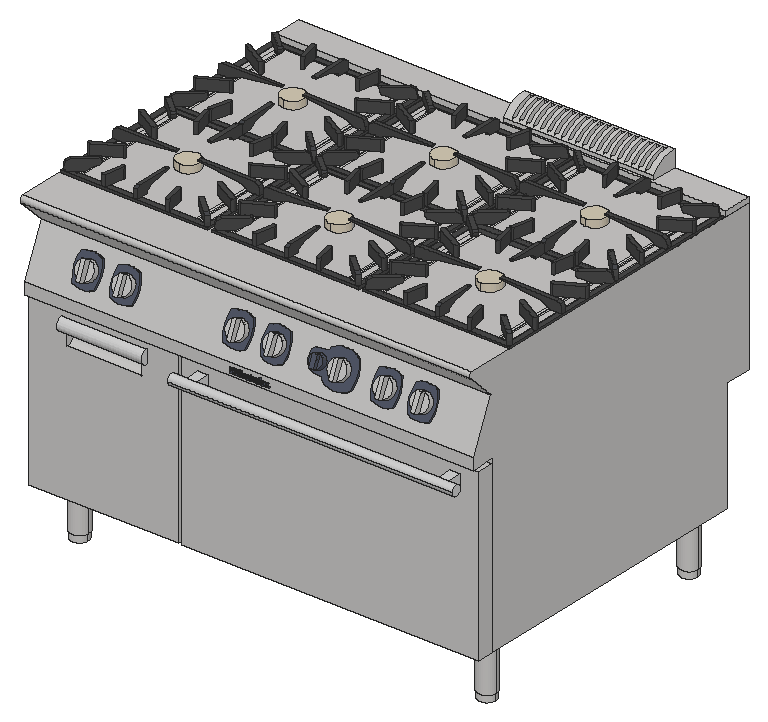
Revit family "QF_ELECTROLUXPROFESSIONAL_391013_E9GCGL6C10", category Specialty Equipment, Revit 2018
Family settings
  Round Connector Dimension = Use Diameter
  Part Type = Normal
  Work Plane-Based = No
  Always vertical = Yes
  Cut with Voids When Loaded = No
  Shared = No
  Room Calculation Point = No
Parameters
  Width = 1200 mm  # constant formula
  Weight in Pounds = 203  # constant formula
  Watts = 0 W
  URL Cutsheet = "www.electrolux.com"
  URL = "www.electrolux.com"
  Type Mark [instance] = ""
  Status [instance] = ""
  Specification by User [instance] = ""
  Specification by Manufacturer = ""
  Show Logo [instance] = yes
  Show Clearance [instance] = yes
  Serial Number = ""
  Seismic Rating = ""
  SMACNA No = ""
  Revision Code [instance] = ""
  Omniclass Number and Title = ""
  NAFEM Spec ID Number = ""
  Model = "391013"
  Mechanical Remarks [instance] = ""
  Mechanical Connection Type [instance] = ""
  Masterspec = ""
  Manufacturer = "ELECTROLUX"
  Item Number [instance] = ""
  Installed By [instance] = ""
  Identify Quantity as Lot [instance] = yes
  Height = 908.9 mm  # constant formula
  HP = "0 HP"
  Gas Size = 12.7 mm  # 1/2"
  Gas RI Height [instance] = 0 mm
  Gas KW [instance] = 52.5  # constant formula
  Gas Input [instance] = 178973.0 Btu/h
  Gas Connection Height = 0 mm
  Furnished By [instance] = ""
  Foodservice Equipment Identifier [instance] = yes
  Direct Waste Size = 0"
  Description = "900XP 6 GAS BURNERS 6kW ON GAS OVEN WITH CUPBOARD"
  Depth = 930 mm  # constant formula
  CSI MasterFormat = ""
  CSI Master Format = ""
  Assembly Code = ""
Reference planes
  plane 1 "BACK": y = 0
  plane 2: z = 0
  plane 3 "LEFT": x = 0
  plane 4 "RIGHT": x = 1200
  plane 5 "FRONT": y = -700
  plane 6 "TOP": z = 908.9
  plane 7 "Center Y": x = 600
  plane 8 "Center X": y = -350
  plane 9 "Base": z = 150
  plane 10: z = 850.9
  plane 11: y = -930
  plane 12: y = -1109
  plane 13: y = -128
  plane 14: y = -802
  plane 15: y = -1309
  plane 16: y = -665
Forms (mm)
  Extrusion 1, solid, material "QF_Finishes_Stainless Steel"
    sketch origin (0, 0, 0) x (0, 1, 0) y (0, 0, 1)
      loop
        line (0, 450) -> (0, 850.9) -> (-921.37, 850.9)
        arc (-921.37, 850.9) -> (-929.343, 845.573) -> (-927.472, 836.168) r 8.63
        line (-927.472, 836.168) -> (-858.266, 766.833) -> (-915.833, 641.476) -> (-915.833, 610.179) -> (-855.839, 614.875)
        arc (-855.839, 614.875) -> (-853.314, 614.127) -> (-852.222, 611.731) r 3.175
        line (-852.222, 611.731) -> (-852.222, 150) -> (-71, 150) -> (-71, 450) -> (0, 450)
    from 0 to 1200
  Extrusion 2, solid, material "QF_Finishes_Stainless Steel"
    sketch origin (0, -852.222, 611.731) x (0, 0, -1) y (1, 0, 0)
      loop
        line (461.731, 408.5) -> (461.731, 1200) -> (9.61, 1200) -> (9.61, 408.5) -> (461.731, 408.5)
      loop
        line (461.731, 0) -> (461.731, 400.5) -> (9.61, 400.5) -> (9.61, 0) -> (461.731, 0)
      loop
        line (95.781, 100.253) -> (95.781, 300.8) -> (44.981, 300.8) -> (44.981, 100.253) -> (95.781, 100.253)
    from 3.175 to 47.778
  Extrusion 3, solid, material "QF_Finishes_Stainless Steel"
    sketch origin (0, 0, 0) x (0, -1, 0) y (0, 0, 1)
      loop
        line (0, 850.9) -> (76.2, 850.9) -> (76.2, 865.188) -> (0, 865.188) -> (0, 850.9)
    from 0 to -1200
  Extrusion 4, solid, material "QF_Finishes_Stainless Steel"
    sketch origin (0, -852.222, 150) x (1, 0, 0) y (0, -1, 0)
      loop
        circle (1149, -187.222) r 6.4
    from 0 to 21
  Extrusion 5, solid, material "QF_Door-Drawer Clearances", visible <- "Show Clearance", detail levels coarse
    sketch origin (0, -200, 0) x (0, 1, 0) y (0, 0, 1)
      loop
        line (-1109, 150) -> (-700, 150) -> (-700, 601.405)
        arc (-700, 601.405) -> (-991.543, 454.568) -> (-1109, 150) r 453.603
    from 0 to 1200
  Extrusion 6, solid, material "QF_Clearances", visible <- "Show Clearance", detail levels coarse
    sketch origin (0, -200, 0) x (1, 0, 0) y (0, 1, 0)
      loop
        line (-100, -730) -> (0, -730) -> (0, 200) -> (1200, 200) -> (1200, -730) -> (1300, -730) -> (1300, 300) -> (-100, 300) -> (-100, -730)
    from 0 to 908.85
  Extrusion 7, solid, material "QF_Finishes_Handrails and Railings"
    sketch origin (400, -200, 0) x (0, 1, 0) y (0, 0, 1)
      loop
        line (-700, 580.001) -> (-738.549, 577.296)
        arc (-738.549, 577.296) -> (-739.742, 563.489) -> (-752.852, 558.993) r 12.7
        arc (-752.852, 558.993) -> (-752.311, 558.176) -> (-751.712, 557.401) r 13.441
        arc (-751.712, 557.401) -> (-749.907, 555.955) -> (-747.68, 555.335) r 5.77
        line (-747.68, 555.335) -> (-700, 551.992) -> (-700, 580.001)
    from 50.8 to 76.2
  Extrusion 8, solid, material "QF_Finishes_Handrails and Railings"
    sketch origin (1200, -200, 0) x (0, 1, 0) y (0, 0, -1)
      loop
        line (-700, -580.001) -> (-700, -551.992) -> (-747.68, -555.335)
        arc (-747.68, -555.335) -> (-749.907, -555.955) -> (-751.712, -557.401) r 5.77
        arc (-751.712, -557.401) -> (-752.311, -558.176) -> (-752.852, -558.993) r 13.441
        arc (-752.852, -558.993) -> (-739.742, -563.489) -> (-738.549, -577.296) r 12.7
        line (-738.549, -577.296) -> (-700, -580.001)
    from 50.8 to 76.2
  Extrusion 9, solid, material "QF_Finishes_Handrails and Railings"
    sketch origin (400, -200, 0) x (0, 1, 0) y (0, 0, 1)
      loop
        circle (-749.749, 571.309) r 12.7
    from 19.875 to 780.125
  Extrusion 10, solid, material "QF_Finishes_Handrails and Railings"
    sketch origin (177.525, -643.896, 1933.213) x (0, 0.885087, 0.465426) y (0, -0.465426, 0.885087)
      loop
        arc (-854.629, -1074.965) -> (-878.641, -1082.427) -> (-871.18, -1106.439) r 17.78
        line (-871.18, -1106.439) -> (-854.629, -1074.965)
    from -89.972 to 135.975
  Extrusion 11, solid, material "QF_Finishes_Stainless Steel"
    sketch origin (-22.5, -200, 28.959) x (0, 1, 0) y (0, 0, 1)
      loop
        line (-700, 486.991) -> (-657.087, 486.991) -> (-657.087, 537.791) -> (-678.147, 537.791) -> (-678.147, 511.464)
        arc (-678.147, 511.464) -> (-684.405, 495.059) -> (-700, 486.991) r 24.63
    from 122.753 to 323.3
  Extrusion 12, solid, material "QF_Finishes_Navy Blue"
    sketch origin (405.244, -913.772, 646.186) x (0, 0.418102, 0.9084) y (-1, 0, 0)
      loop
        arc (102.623, -510.47) -> (67.041, -502.846) -> (31.333, -509.853) r 90.5
        arc (31.333, -509.853) -> (24.507, -539.04) -> (31.333, -568.228) r 65.817
        arc (31.333, -568.228) -> (67.04, -575.188) -> (102.623, -567.615) r 91.066
        arc (102.623, -567.615) -> (109.179, -539.043) -> (102.623, -510.47) r 65.546
    from 0 to 3.175
  Extrusion 13, solid, material "QF_Finishes_Stainless Steel"
    sketch origin (783.994, -917.485, 645.711) x (0, 0.418102, 0.9084) y (-1, 0, 0)
      loop
        circle (68.826, -160.963) r 25.4
    from 0 to 12.7
  Extrusion 14, solid, material "QF_Finishes_Stainless Steel"
    sketch origin (783.994, -929.022, 651.021) x (0, 0.418102, 0.9084) y (-1, 0, 0)
      loop
        arc (93.558, -166.749) -> (94.226, -160.963) -> (93.558, -155.177) r 25.4
        line (93.558, -155.177) -> (44.094, -155.177)
        arc (44.094, -155.177) -> (43.426, -160.963) -> (44.094, -166.749) r 25.4
        line (44.094, -166.749) -> (93.558, -166.749)
    from 0 to 12.7
  Extrusion 15, solid, material "QF_Finishes_Navy Blue"
    sketch origin (282.787, -913.772, 646.186) x (0, 0.418102, 0.9084) y (-1, 0, 0)
      loop
        arc (104.355, -502.587) -> (101.326, -501.258) -> (98.25, -500.039) r 91.066
        arc (98.25, -500.039) -> (96.592, -482.449) -> (93.213, -465.107) r 179.528
        arc (93.213, -465.107) -> (69.244, -452.795) -> (45.274, -465.107) r 29.489
        arc (45.274, -465.107) -> (38.909, -481.441) -> (37.449, -498.912) r 61.044
        arc (37.449, -498.912) -> (34.471, -499.962) -> (31.532, -501.116) r 91.066
        arc (31.532, -501.116) -> (19.517, -540.223) -> (32.929, -578.873) r 65.817
        arc (32.929, -578.873) -> (68.105, -585.173) -> (102.996, -577.452) r 91.066
        arc (102.996, -577.452) -> (115.418, -540.233) -> (104.355, -502.587) r 65.546
    from 0 to 3.175
  Extrusion 16, solid, material "QF_Finishes_Stainless Steel"
    sketch origin (661.537, -917.485, 645.711) x (0, 0.418102, 0.9084) y (-1, 0, 0)
      loop
        circle (68.826, -160.963) r 25.4
    from 0 to 12.7
  Extrusion 17, solid, material "QF_Finishes_Stainless Steel"
    sketch origin (661.537, -929.022, 651.021) x (0, 0.418102, 0.9084) y (-1, 0, 0)
      loop
        arc (93.558, -166.749) -> (94.226, -160.963) -> (93.558, -155.177) r 25.4
        line (93.558, -155.177) -> (44.094, -155.177)
        arc (44.094, -155.177) -> (43.426, -160.963) -> (44.094, -166.749) r 25.4
        line (44.094, -166.749) -> (93.558, -166.749)
    from 0 to 12.7
  Extrusion 18, solid, material "QF_Finishes_Navy Blue"
    sketch origin (604.037, -917.485, 645.711) x (0, 0.418102, 0.9084) y (-1, 0, 0)
      loop
        circle (68.826, -160.963) r 18.37
    from 0 to 12.7
  Extrusion 19, solid, material "QF_Finishes_Navy Blue"
    sketch origin (602.746, -929.022, 651.021) x (0, 0.418102, 0.9084) y (-1, 0, 0)
      loop
        arc (84.808, -167.687) -> (85.476, -161.901) -> (84.808, -156.114) r 25.4
        line (84.808, -156.114) -> (52.844, -156.114)
        arc (52.844, -156.114) -> (52.176, -161.901) -> (52.844, -167.687) r 25.4
        line (52.844, -167.687) -> (84.808, -167.687)
    from 0 to 8.112
  Extrusion 20, solid, material "QF_Finishes_Navy Blue"
    sketch origin (-392.256, -913.772, 646.186) x (0, 0.418102, 0.9084) y (-1, 0, 0)
      loop
        arc (102.623, -510.47) -> (67.041, -502.846) -> (31.333, -509.853) r 90.5
        arc (31.333, -509.853) -> (24.507, -539.04) -> (31.333, -568.228) r 65.817
        arc (31.333, -568.228) -> (67.04, -575.188) -> (102.623, -567.615) r 91.066
        arc (102.623, -567.615) -> (109.179, -539.043) -> (102.623, -510.47) r 65.546
    from 0 to 3.175
  Extrusion 21, solid, material "QF_Finishes_Stainless Steel"
    sketch origin (-13.506, -917.485, 645.711) x (0, 0.418102, 0.9084) y (-1, 0, 0)
      loop
        circle (68.826, -160.963) r 25.4
    from 0 to 12.7
  Extrusion 22, solid, material "QF_Finishes_Stainless Steel"
    sketch origin (-13.506, -929.022, 651.021) x (0, 0.418102, 0.9084) y (-1, 0, 0)
      loop
        arc (93.558, -166.749) -> (94.226, -160.963) -> (93.558, -155.177) r 25.4
        line (93.558, -155.177) -> (44.094, -155.177)
        arc (44.094, -155.177) -> (43.426, -160.963) -> (44.094, -166.749) r 25.4
        line (44.094, -166.749) -> (93.558, -166.749)
    from 0 to 12.7
  Extrusion 23, solid, material "QF_Finishes_Navy Blue"
    sketch origin (-292.256, -913.772, 646.186) x (0, 0.418102, 0.9084) y (-1, 0, 0)
      loop
        arc (102.623, -510.47) -> (67.041, -502.846) -> (31.333, -509.853) r 90.5
        arc (31.333, -509.853) -> (24.507, -539.04) -> (31.333, -568.228) r 65.817
        arc (31.333, -568.228) -> (67.04, -575.188) -> (102.623, -567.615) r 91.066
        arc (102.623, -567.615) -> (109.179, -539.043) -> (102.623, -510.47) r 65.546
    from 0 to 3.175
  Extrusion 24, solid, material "QF_Finishes_Stainless Steel"
    sketch origin (86.494, -917.485, 645.711) x (0, 0.418102, 0.9084) y (-1, 0, 0)
      loop
        circle (68.826, -160.963) r 25.4
    from 0 to 12.7
  Extrusion 25, solid, material "QF_Finishes_Stainless Steel"
    sketch origin (86.494, -929.022, 651.021) x (0, 0.418102, 0.9084) y (-1, 0, 0)
      loop
        arc (93.558, -166.749) -> (94.226, -160.963) -> (93.558, -155.177) r 25.4
        line (93.558, -155.177) -> (44.094, -155.177)
        arc (44.094, -155.177) -> (43.426, -160.963) -> (44.094, -166.749) r 25.4
        line (44.094, -166.749) -> (93.558, -166.749)
    from 0 to 12.7
  Extrusion 26, solid, material "QF_Finishes_Stainless Steel"
    sketch origin (202.4, -200, 590.5) x (0, 1, 0) y (0, 0, 1)
      loop
        line (200, 274.688) -> (200, 318.4)
        arc (200, 318.4) -> (160.928, 309.779) -> (130.15, 284.212) r 84.854
        line (130.15, 284.212) -> (130.15, 274.688) -> (200, 274.688)
    from 400 to 800
  Extrusion 27, solid, material "QF_Finishes_Navy Blue"
    sketch origin (502.744, -913.772, 646.186) x (0, 0.418102, 0.9084) y (-1, 0, 0)
      loop
        arc (102.623, -510.47) -> (67.041, -502.846) -> (31.333, -509.853) r 90.5
        arc (31.333, -509.853) -> (24.507, -539.04) -> (31.333, -568.228) r 65.817
        arc (31.333, -568.228) -> (67.04, -575.188) -> (102.623, -567.615) r 91.066
        arc (102.623, -567.615) -> (109.179, -539.043) -> (102.623, -510.47) r 65.546
    from 0 to 3.175
  Extrusion 28, solid, material "QF_Finishes_Stainless Steel"
    sketch origin (881.494, -917.485, 645.711) x (0, 0.418102, 0.9084) y (-1, 0, 0)
      loop
        circle (68.826, -160.963) r 25.4
    from 0 to 12.7
  Extrusion 29, solid, material "QF_Finishes_Stainless Steel"
    sketch origin (881.494, -929.022, 651.021) x (0, 0.418102, 0.9084) y (-1, 0, 0)
      loop
        arc (93.558, -166.749) -> (94.226, -160.963) -> (93.558, -155.177) r 25.4
        line (93.558, -155.177) -> (44.094, -155.177)
        arc (44.094, -155.177) -> (43.426, -160.963) -> (44.094, -166.749) r 25.4
        line (44.094, -166.749) -> (93.558, -166.749)
    from 0 to 12.7
  Extrusion 30, solid, material "QF_Finishes_Navy Blue"
    sketch origin (10.244, -913.772, 646.186) x (0, 0.418102, 0.9084) y (-1, 0, 0)
      loop
        arc (102.623, -510.47) -> (67.041, -502.846) -> (31.333, -509.853) r 90.5
        arc (31.333, -509.853) -> (24.507, -539.04) -> (31.333, -568.228) r 65.817
        arc (31.333, -568.228) -> (67.04, -575.188) -> (102.623, -567.615) r 91.066
        arc (102.623, -567.615) -> (109.179, -539.043) -> (102.623, -510.47) r 65.546
    from 0 to 3.175
  Extrusion 31, solid, material "QF_Finishes_Stainless Steel"
    sketch origin (388.994, -917.485, 645.711) x (0, 0.418102, 0.9084) y (-1, 0, 0)
      loop
        circle (68.826, -160.963) r 25.4
    from 0 to 12.7
  Extrusion 32, solid, material "QF_Finishes_Stainless Steel"
    sketch origin (388.994, -929.022, 651.021) x (0, 0.418102, 0.9084) y (-1, 0, 0)
      loop
        arc (93.558, -166.749) -> (94.226, -160.963) -> (93.558, -155.177) r 25.4
        line (93.558, -155.177) -> (44.094, -155.177)
        arc (44.094, -155.177) -> (43.426, -160.963) -> (44.094, -166.749) r 25.4
        line (44.094, -166.749) -> (93.558, -166.749)
    from 0 to 12.7
  Extrusion 33, solid, material "QF_Finishes_Navy Blue"
    sketch origin (110.244, -913.772, 646.186) x (0, 0.418102, 0.9084) y (-1, 0, 0)
      loop
        arc (102.623, -510.47) -> (67.041, -502.846) -> (31.333, -509.853) r 90.5
        arc (31.333, -509.853) -> (24.507, -539.04) -> (31.333, -568.228) r 65.817
        arc (31.333, -568.228) -> (67.04, -575.188) -> (102.623, -567.615) r 91.066
        arc (102.623, -567.615) -> (109.179, -539.043) -> (102.623, -510.47) r 65.546
    from 0 to 3.175
  Extrusion 34, solid, material "QF_Finishes_Stainless Steel"
    sketch origin (488.994, -917.485, 645.711) x (0, 0.418102, 0.9084) y (-1, 0, 0)
      loop
        circle (68.826, -160.963) r 25.4
    from 0 to 12.7
  Extrusion 35, solid, material "QF_Finishes_Stainless Steel"
    sketch origin (488.994, -929.022, 651.021) x (0, 0.418102, 0.9084) y (-1, 0, 0)
      loop
        arc (93.558, -166.749) -> (94.226, -160.963) -> (93.558, -155.177) r 25.4
        line (93.558, -155.177) -> (44.094, -155.177)
        arc (44.094, -155.177) -> (43.426, -160.963) -> (44.094, -166.749) r 25.4
        line (44.094, -166.749) -> (93.558, -166.749)
    from 0 to 12.7
  Extrusion 36, solid, material "QF_Finishes_Navy Blue", visible <- "Show Logo"
    sketch origin (261.109, -915.962, 610.773) x (0, 0, 1) y (-1, 0, 0)
      loop
        line (20.674, -296.698) -> (8.307, -296.698)
        arc (8.307, -296.698) -> (14.491, -301.27) -> (20.674, -296.698) r 6.467
      loop
        arc (20.674, -296.069) -> (19.505, -290.926) -> (14.849, -288.448) r 6.338
        line (14.849, -288.448) -> (14.849, -290.494)
        arc (14.849, -290.494) -> (16.333, -294.149) -> (19.778, -296.069) r 5.941
        line (19.778, -296.069) -> (20.674, -296.069)
      loop
        arc (9.203, -296.069) -> (12.648, -294.149) -> (14.132, -290.494) r 5.941
        line (14.132, -290.494) -> (14.132, -288.448)
        arc (14.132, -288.448) -> (9.438, -290.922) -> (8.148, -296.069) r 6.504
        line (8.148, -296.069) -> (9.203, -296.069)
      loop
        line (21.349, -287.979) -> (7.604, -287.979) -> (7.604, -301.742) -> (21.349, -301.742) -> (21.349, -287.979)
      loop
        arc (21.432, -304.71) -> (21.085, -304.352) -> (20.718, -304.69) r 0.358
        arc (20.718, -304.69) -> (20.404, -305.44) -> (19.687, -305.825) r 1.216
        line (19.687, -305.825) -> (9.274, -305.825)
        arc (9.274, -305.825) -> (8.614, -305.548) -> (8.218, -304.951) r 1.238
        arc (8.218, -304.951) -> (7.823, -304.7) -> (7.518, -305.054) r 0.358
        line (7.518, -305.054) -> (7.518, -314.933) -> (10.269, -314.933) -> (10.269, -314.036)
        arc (10.269, -314.036) -> (9.36, -313.456) -> (8.904, -312.479) r 1.928
        line (8.904, -312.479) -> (8.904, -309.98)
        arc (8.904, -309.98) -> (9.18, -309.251) -> (9.868, -308.887) r 1.101
        line (9.868, -308.887) -> (13.955, -308.887) -> (13.955, -312.561)
        arc (13.955, -312.561) -> (13.602, -313.058) -> (13.037, -313.286) r 1.083
        arc (13.037, -313.286) -> (12.773, -313.591) -> (13.065, -313.869) r 0.292
        line (13.065, -313.869) -> (16.028, -313.869)
        arc (16.028, -313.869) -> (16.33, -313.596) -> (16.092, -313.266) r 0.305
        arc (16.092, -313.266) -> (15.601, -313.018) -> (15.296, -312.561) r 1.083
        line (15.296, -312.561) -> (15.296, -308.887) -> (19.973, -308.887) -> (19.973, -312.635)
        arc (19.973, -312.635) -> (19.759, -313.39) -> (19.153, -313.888) r 1.314
        arc (19.153, -313.888) -> (18.934, -314.292) -> (19.288, -314.585) r 0.361
        line (19.288, -314.585) -> (21.432, -314.585) -> (21.432, -304.71)
      loop
        arc (20.715, -315.365) -> (20.335, -316.284) -> (19.416, -316.664) r 1.299
        line (19.416, -316.664) -> (9.837, -316.664)
        arc (9.837, -316.664) -> (8.999, -316.286) -> (8.728, -315.408) r 1.118
        line (8.728, -315.408) -> (7.518, -315.408) -> (7.518, -320.758) -> (8.706, -320.758)
        arc (8.706, -320.758) -> (8.978, -319.841) -> (9.848, -319.445) r 1.153
        line (9.848, -319.445) -> (21.92, -319.445) -> (20.715, -315.365)
      loop
        line (12.483, -323.394) -> (12.483, -329.842) -> (13.282, -329.842)
        arc (13.282, -329.842) -> (15.862, -328.857) -> (17.131, -326.404) r 3.874
        line (17.131, -326.404) -> (17.131, -324.643)
        arc (17.131, -324.643) -> (15.944, -321.778) -> (13.08, -320.592) r 4.051
        line (13.08, -320.592) -> (11.072, -320.592)
        arc (11.072, -320.592) -> (8.253, -322.077) -> (7.202, -325.084) r 4.352
        arc (7.202, -325.084) -> (7.566, -327.547) -> (8.943, -329.621) r 5.713
        line (8.943, -329.621) -> (9.892, -329.621)
        arc (9.892, -329.621) -> (9.16, -328.052) -> (8.943, -326.334) r 5.579
        arc (8.943, -326.334) -> (9.737, -324.371) -> (11.616, -323.394) r 3.057
        line (11.616, -323.394) -> (12.483, -323.394)
      loop
        line (13.742, -323.394) -> (13.742, -326.977)
        arc (13.742, -326.977) -> (15.199, -327.024) -> (16.082, -325.864) r 1.59
        line (16.082, -325.864) -> (16.082, -325.034)
        arc (16.082, -325.034) -> (15.217, -323.779) -> (13.742, -323.394) r 2.184
      loop
        arc (16.533, -339.259) -> (17.022, -337.585) -> (17.179, -335.848) r 9.023
        line (17.179, -335.848) -> (17.179, -334.486)
        arc (17.179, -334.486) -> (16.02, -331.686) -> (13.22, -330.527) r 3.959
        line (13.22, -330.527) -> (10.62, -330.527)
        arc (10.62, -330.527) -> (8.338, -331.819) -> (7.221, -334.192) r 4.331
        line (7.221, -334.192) -> (7.221, -336.327)
        arc (7.221, -336.327) -> (7.729, -337.877) -> (8.651, -339.223) r 5.772
        arc (8.651, -339.223) -> (9.412, -339.274) -> (9.499, -338.515) r 0.553
        arc (9.499, -338.515) -> (9.111, -337.781) -> (8.977, -336.962) r 2.573
        line (8.977, -336.962) -> (8.977, -335.447)
        arc (8.977, -335.447) -> (9.983, -333.806) -> (11.798, -333.163) r 2.884
        line (11.798, -333.163) -> (13.077, -333.163)
        arc (13.077, -333.163) -> (14.898, -333.723) -> (15.824, -335.388) r 2.554
        line (15.824, -335.388) -> (15.824, -336.441)
        arc (15.824, -336.441) -> (15.493, -337.369) -> (14.836, -338.104) r 2.564
        arc (14.836, -338.104) -> (14.614, -338.821) -> (15.223, -339.259) r 0.643
        line (15.223, -339.259) -> (16.533, -339.259)
      loop
        line (15.515, -339.53) -> (15.515, -341.031) -> (9.467, -341.031)
        arc (9.467, -341.031) -> (7.879, -341.688) -> (7.221, -343.276) r 2.246
        line (7.221, -343.276) -> (7.221, -344.86)
        arc (7.221, -344.86) -> (7.535, -345.725) -> (8.035, -346.496) r 4.06
        arc (8.035, -346.496) -> (8.768, -346.629) -> (9.019, -345.928) r 0.576
        arc (9.019, -345.928) -> (8.913, -345.403) -> (8.977, -344.87) r 1.69
        arc (8.977, -344.87) -> (9.519, -344.082) -> (10.425, -343.779) r 1.506
        line (10.425, -343.779) -> (15.563, -343.779) -> (15.563, -346.176) -> (16.119, -346.733) -> (16.941, -346.733) -> (16.941, -343.873) -> (20.172, -343.873) -> (15.515, -339.53)
      loop
        line (7.438, -347.63) -> (7.438, -353.017) -> (8.548, -353.017)
        arc (8.548, -353.017) -> (8.942, -352.066) -> (9.893, -351.672) r 1.345
        line (9.893, -351.672) -> (13.509, -351.672)
        arc (13.509, -351.672) -> (14.274, -352.264) -> (14.564, -353.186) r 1.615
        line (14.564, -353.186) -> (14.564, -354.742) -> (17.119, -355.427) -> (17.119, -354.044) -> (15.177, -351.485) -> (17.057, -351.485) -> (16.773, -348.779)
        arc (16.773, -348.779) -> (16.333, -348.249) -> (15.674, -348.45) r 0.621
        arc (15.674, -348.45) -> (15.274, -348.792) -> (14.78, -348.975) r 1.501
        line (14.78, -348.975) -> (9.893, -348.975)
        arc (9.893, -348.975) -> (8.942, -348.581) -> (8.548, -347.63) r 1.345
        line (8.548, -347.63) -> (7.438, -347.63)
      loop
        line (13.54, -354.964) -> (10.848, -354.964)
        arc (10.848, -354.964) -> (8.403, -356.272) -> (7.269, -358.803) r 4.288
        arc (7.269, -358.803) -> (7.205, -360.183) -> (7.269, -361.563) r 15.022
        arc (7.269, -361.563) -> (8.403, -364.094) -> (10.848, -365.401) r 4.288
        line (10.848, -365.401) -> (13.54, -365.401)
        arc (13.54, -365.401) -> (15.986, -364.094) -> (17.119, -361.563) r 4.288
        arc (17.119, -361.563) -> (17.183, -360.183) -> (17.119, -358.803) r 15.022
        arc (17.119, -358.803) -> (15.986, -356.272) -> (13.54, -354.964) r 4.288
      loop
        line (13.745, -358.078) -> (10.643, -358.078)
        arc (10.643, -358.078) -> (8.486, -360.235) -> (10.643, -362.392) r 2.157
        line (10.643, -362.392) -> (13.745, -362.392)
        arc (13.745, -362.392) -> (15.902, -360.235) -> (13.745, -358.078) r 2.157
      loop
        arc (20.726, -365.26) -> (20.355, -366.154) -> (19.461, -366.524) r 1.264
        line (19.461, -366.524) -> (9.597, -366.524)
        arc (9.597, -366.524) -> (8.727, -366.127) -> (8.455, -365.211) r 1.153
        line (8.455, -365.211) -> (7.518, -365.211) -> (7.518, -370.319) -> (8.446, -370.319)
        arc (8.446, -370.319) -> (8.805, -369.547) -> (9.597, -369.232) r 1.153
        line (9.597, -369.232) -> (21.92, -369.232) -> (20.726, -365.26)
      loop
        arc (15.846, -369.857) -> (15.647, -370.921) -> (14.678, -371.403) r 1.215
        line (14.678, -371.403) -> (9.658, -371.403)
        arc (9.658, -371.403) -> (8.043, -372.051) -> (7.322, -373.634) r 2.338
        line (7.322, -373.634) -> (7.322, -375.148)
        arc (7.322, -375.148) -> (7.497, -376.152) -> (7.999, -377.038) r 2.979
        line (7.999, -377.038) -> (7.518, -378.835) -> (7.518, -380.524) -> (16.943, -380.524) -> (16.649, -376.32) -> (15.863, -376.32)
        arc (15.863, -376.32) -> (15.507, -377.156) -> (14.755, -377.665) r 1.605
        line (14.755, -377.665) -> (9.652, -377.665)
        arc (9.652, -377.665) -> (9.232, -376.728) -> (9.159, -375.704) r 2.94
        arc (9.159, -375.704) -> (9.72, -374.603) -> (10.873, -374.16) r 1.724
        line (10.873, -374.16) -> (17.07, -374.16) -> (15.846, -369.857)
      loop
        line (16.874, -381.377) -> (15.202, -383.423) -> (12.028, -385.729) -> (8.572, -382.617)
        arc (8.572, -382.617) -> (8.335, -382.223) -> (8.357, -381.764) r 0.789
        line (8.357, -381.764) -> (7.518, -381.764) -> (7.518, -385.309) -> (8.344, -385.309)
        arc (8.344, -385.309) -> (8.686, -384.947) -> (9.176, -385.039) r 0.52
        line (9.176, -385.039) -> (10.976, -386.51) -> (8.858, -387.886)
        arc (8.858, -387.886) -> (8.457, -387.576) -> (8.37, -387.076) r 0.7
        line (8.37, -387.076) -> (7.518, -387.076) -> (7.518, -393.003) -> (8.405, -393.003)
        arc (8.405, -393.003) -> (8.472, -392.344) -> (8.866, -391.813) r 1.247
        line (8.866, -391.813) -> (13.066, -388.532) -> (15.513, -390.585) -> (16.874, -392.327) -> (16.874, -388.604) -> (15.389, -389.026) -> (13.868, -387.749) -> (15.568, -386.559) -> (16.874, -387.336) -> (16.874, -381.377)
    from 0 to 1.644
  Revolve 37, solid, material "QF_Finishes_Stainless Steel"
    sketch origin (1, -128, 0) x (1, 0, 0) y (0, 0, 1)
      loop
        line (55, 0) -> (55, 150) -> (29.6, 150) -> (29.6, 19.05) -> (32.1, 19.05) -> (32.1, 0) -> (55, 0)
      axis (55, 0) -> (55, 150)
    angle from 0 to 360
  Revolve 38, solid, material "QF_Finishes_Stainless Steel"
    sketch origin (799, -128, 0) x (-1, 0, 0) y (0, 0, -1)
      loop
        line (-345, 0) -> (-367.9, 0) -> (-367.9, -19.05) -> (-370.4, -19.05) -> (-370.4, -150) -> (-345, -150) -> (-345, 0)
      axis (-345, 0) -> (-345, -150)
    angle from 0 to 360
  Revolve 39, solid, material "QF_Finishes_Stainless Steel"
    sketch origin (1, -802, 0) x (1, 0, 0) y (0, 0, 1)
      loop
        line (55, 0) -> (55, 150) -> (29.6, 150) -> (29.6, 19.05) -> (32.1, 19.05) -> (32.1, 0) -> (55, 0)
      axis (55, 0) -> (55, 150)
    angle from 0 to 360
  Revolve 40, solid, material "QF_Finishes_Stainless Steel"
    sketch origin (799, -802, 0) x (-1, 0, 0) y (0, 0, -1)
      loop
        line (-345, 0) -> (-367.9, 0) -> (-367.9, -19.05) -> (-370.4, -19.05) -> (-370.4, -150) -> (-345, -150) -> (-345, 0)
      axis (-345, 0) -> (-345, -150)
    angle from 0 to 360
  Extrusion 41, solid, material "QF_Finishes_Stainless Steel"
    sketch origin (0, -852.222, 150) x (1, 0, 0) y (0, -1, 0)
      loop
        circle (1157, -276.222) r 12.7
    from 0 to 5
  Extrusion 42, void
    sketch origin (-62.611, 0, 865.138) x (-1, 0, 0) y (0, -1, 0)
      loop
        line (-695.005, 6.761) -> (-685.709, 6.761) -> (-685.709, 63.911) -> (-695.005, 63.911) -> (-695.005, 6.761)
      loop
        line (-713.697, 6.761) -> (-704.401, 6.761) -> (-704.401, 63.911) -> (-713.697, 63.911) -> (-713.697, 6.761)
      loop
        line (-732.39, 6.761) -> (-723.094, 6.761) -> (-723.094, 63.911) -> (-732.39, 63.911) -> (-732.39, 6.761)
      loop
        line (-751.082, 6.761) -> (-741.787, 6.761) -> (-741.787, 63.911) -> (-751.082, 63.911) -> (-751.082, 6.761)
      loop
        line (-769.775, 6.761) -> (-760.479, 6.761) -> (-760.479, 63.911) -> (-769.775, 63.911) -> (-769.775, 6.761)
      loop
        line (-788.468, 6.761) -> (-779.172, 6.761) -> (-779.172, 63.911) -> (-788.468, 63.911) -> (-788.468, 6.761)
      loop
        line (-807.16, 6.761) -> (-797.864, 6.761) -> (-797.864, 63.911) -> (-807.16, 63.911) -> (-807.16, 6.761)
      loop
        line (-825.853, 6.761) -> (-816.557, 6.761) -> (-816.557, 63.911) -> (-825.853, 63.911) -> (-825.853, 6.761)
      loop
        line (-844.545, 6.761) -> (-835.25, 6.761) -> (-835.25, 63.911) -> (-844.545, 63.911) -> (-844.545, 6.761)
      loop
        line (-863.238, 6.761) -> (-853.942, 6.761) -> (-853.942, 63.911) -> (-863.238, 63.911) -> (-863.238, 6.761)
      loop
        line (-881.931, 6.761) -> (-872.635, 6.761) -> (-872.635, 63.911) -> (-881.931, 63.911) -> (-881.931, 6.761)
      loop
        line (-900.623, 6.761) -> (-891.328, 6.761) -> (-891.328, 63.911) -> (-900.623, 63.911) -> (-900.623, 6.761)
      loop
        line (-919.316, 6.761) -> (-910.02, 6.761) -> (-910.02, 63.911) -> (-919.316, 63.911) -> (-919.316, 6.761)
      loop
        line (-938.008, 6.761) -> (-928.713, 6.761) -> (-928.713, 63.911) -> (-938.008, 63.911) -> (-938.008, 6.761)
      loop
        line (-956.701, 6.761) -> (-947.405, 6.761) -> (-947.405, 63.911) -> (-956.701, 63.911) -> (-956.701, 6.761)
      loop
        line (-975.394, 6.761) -> (-966.098, 6.761) -> (-966.098, 63.911) -> (-975.394, 63.911) -> (-975.394, 6.761)
      loop
        line (-994.086, 6.761) -> (-984.791, 6.761) -> (-984.791, 63.911) -> (-994.086, 63.911) -> (-994.086, 6.761)
      loop
        line (-1012.779, 6.761) -> (-1003.483, 6.761) -> (-1003.483, 63.911) -> (-1012.779, 63.911) -> (-1012.779, 6.761)
      loop
        line (-1031.472, 6.761) -> (-1022.176, 6.761) -> (-1022.176, 63.911) -> (-1031.472, 63.911) -> (-1031.472, 6.761)
      loop
        line (-1050.164, 6.761) -> (-1040.868, 6.761) -> (-1040.868, 63.911) -> (-1050.164, 63.911) -> (-1050.164, 6.761)
    from 9.525 to 45.348
Cuts and joins
  Extrusion 42 cuts Extrusion 26
Lines and regions (mm)
  symbolic lines, style "QF_Door-Drawer Clearances"
    curve 1: line (0, -930, 150) -> (0, -1309, 150)
    curve 2: line (0, -1309, 150) -> (1200, -1309, 150)
    curve 3: line (1200, -1309, 150) -> (1200, -930, 150)
  symbolic lines
    curve 4: line (1200, -930, 150) -> (0, -930, 150)
    curve 5: line (0, 0, 150) -> (0, -930, 150)
    curve 6: line (1200, -930, 150) -> (1200, 0, 150)
    curve 7: line (0, 0, 150) -> (1200, 0, 150)
    curve 11: line (1180.125, -962.449, 150) -> (419.875, -962.449, 150)
    curve 12: line (1180.125, -937.049, 150) -> (1180.125, -962.449, 150)
    curve 13: line (1149.2, -938.549, 150) -> (1149.2, -930, 150)
    curve 14: line (1123.8, -938.549, 150) -> (1123.8, -930, 150)
    curve 15: line (1123.8, -938.549, 150) -> (1149.2, -938.549, 150)
    curve 16: line (419.875, -937.049, 150) -> (450.8, -937.049, 150)
    curve 17: line (1149.2, -937.049, 150) -> (1180.125, -937.049, 150)
    curve 18: line (632.394, -6.761, 150) -> (632.394, -63.911, 150)
    curve 19: line (632.394, -63.911, 150) -> (623.098, -63.911, 150)
    curve 20: line (623.098, -63.911, 150) -> (623.098, -6.761, 150)
    curve 21: line (623.098, -6.761, 150) -> (632.394, -6.761, 150)
    curve 22: line (838.012, -6.761, 150) -> (838.012, -63.911, 150)
    curve 23: line (838.012, -63.911, 150) -> (828.717, -63.911, 150)
    curve 24: line (828.717, -63.911, 150) -> (828.717, -6.761, 150)
    curve 25: line (828.717, -6.761, 150) -> (838.012, -6.761, 150)
    curve 26: line (819.32, -6.761, 150) -> (819.32, -63.911, 150)
    curve 27: line (819.32, -63.911, 150) -> (810.024, -63.911, 150)
    curve 28: line (810.024, -63.911, 150) -> (810.024, -6.761, 150)
    curve 29: line (810.024, -6.761, 150) -> (819.32, -6.761, 150)
    curve 30: line (800.627, -6.761, 150) -> (800.627, -63.911, 150)
    curve 31: line (800.627, -63.911, 150) -> (791.331, -63.911, 150)
    curve 32: line (791.331, -63.911, 150) -> (791.331, -6.761, 150)
    curve 33: line (791.331, -6.761, 150) -> (800.627, -6.761, 150)
    curve 34: line (781.934, -6.761, 150) -> (781.934, -63.911, 150)
    curve 35: line (781.934, -63.911, 150) -> (772.639, -63.911, 150)
    curve 36: line (772.639, -63.911, 150) -> (772.639, -6.761, 150)
    curve 37: line (772.639, -6.761, 150) -> (781.934, -6.761, 150)
    curve 38: line (763.242, -6.761, 150) -> (763.242, -63.911, 150)
    curve 39: line (763.242, -63.911, 150) -> (753.946, -63.911, 150)
    curve 40: line (753.946, -63.911, 150) -> (753.946, -6.761, 150)
    curve 41: line (753.946, -6.761, 150) -> (763.242, -6.761, 150)
    curve 42: line (744.549, -6.761, 150) -> (744.549, -63.911, 150)
    curve 43: line (744.549, -63.911, 150) -> (735.253, -63.911, 150)
    curve 44: line (735.253, -63.911, 150) -> (735.253, -6.761, 150)
    curve 45: line (735.253, -6.761, 150) -> (744.549, -6.761, 150)
    curve 46: line (725.857, -6.761, 150) -> (725.857, -63.911, 150)
    curve 47: line (725.857, -63.911, 150) -> (716.561, -63.911, 150)
    curve 48: line (716.561, -63.911, 150) -> (716.561, -6.761, 150)
    curve 49: line (716.561, -6.761, 150) -> (725.857, -6.761, 150)
    curve 50: line (707.164, -6.761, 150) -> (707.164, -63.911, 150)
    curve 51: line (707.164, -63.911, 150) -> (697.868, -63.911, 150)
    curve 52: line (697.868, -63.911, 150) -> (697.868, -6.761, 150)
    curve 53: line (697.868, -6.761, 150) -> (707.164, -6.761, 150)
    curve 54: line (688.471, -6.761, 150) -> (688.471, -63.911, 150)
    curve 55: line (688.471, -63.911, 150) -> (679.176, -63.911, 150)
    curve 56: line (679.176, -63.911, 150) -> (679.176, -6.761, 150)
    curve 57: line (679.176, -6.761, 150) -> (688.471, -6.761, 150)
    curve 58: line (669.779, -6.761, 150) -> (669.779, -63.911, 150)
    curve 59: line (669.779, -63.911, 150) -> (660.483, -63.911, 150)
    curve 60: line (660.483, -63.911, 150) -> (660.483, -6.761, 150)
    curve 61: line (660.483, -6.761, 150) -> (669.779, -6.761, 150)
    curve 62: line (651.086, -6.761, 150) -> (651.086, -63.911, 150)
    curve 63: line (651.086, -63.911, 150) -> (641.79, -63.911, 150)
    curve 64: line (641.79, -63.911, 150) -> (641.79, -6.761, 150)
    curve 65: line (641.79, -6.761, 150) -> (651.086, -6.761, 150)
    curve 66: line (987.553, -6.761, 150) -> (987.553, -63.911, 150)
    curve 67: line (987.553, -63.911, 150) -> (978.257, -63.911, 150)
    curve 68: line (978.257, -63.911, 150) -> (978.257, -6.761, 150)
    curve 69: line (978.257, -6.761, 150) -> (987.553, -6.761, 150)
    curve 70: line (968.861, -6.761, 150) -> (968.861, -63.911, 150)
    curve 71: line (968.861, -63.911, 150) -> (959.565, -63.911, 150)
    curve 72: line (959.565, -63.911, 150) -> (959.565, -6.761, 150)
    curve 73: line (959.565, -6.761, 150) -> (968.861, -6.761, 150)
    curve 74: line (950.168, -6.761, 150) -> (950.168, -63.911, 150)
    curve 75: line (950.168, -63.911, 150) -> (940.872, -63.911, 150)
    curve 76: line (940.872, -63.911, 150) -> (940.872, -6.761, 150)
    curve 77: line (940.872, -6.761, 150) -> (950.168, -6.761, 150)
    curve 78: line (931.475, -6.761, 150) -> (931.475, -63.911, 150)
    curve 79: line (931.475, -63.911, 150) -> (922.18, -63.911, 150)
    curve 80: line (922.18, -63.911, 150) -> (922.18, -6.761, 150)
    curve 81: line (922.18, -6.761, 150) -> (931.475, -6.761, 150)
    curve 82: line (912.783, -6.761, 150) -> (912.783, -63.911, 150)
    curve 83: line (912.783, -63.911, 150) -> (903.487, -63.911, 150)
    curve 84: line (903.487, -63.911, 150) -> (903.487, -6.761, 150)
    curve 85: line (903.487, -6.761, 150) -> (912.783, -6.761, 150)
    curve 86: line (894.09, -6.761, 150) -> (894.09, -63.911, 150)
    curve 87: line (894.09, -63.911, 150) -> (884.794, -63.911, 150)
    curve 88: line (884.794, -63.911, 150) -> (884.794, -6.761, 150)
    curve 89: line (884.794, -6.761, 150) -> (894.09, -6.761, 150)
    curve 90: line (875.397, -6.761, 150) -> (875.397, -63.911, 150)
    curve 91: line (875.397, -63.911, 150) -> (866.102, -63.911, 150)
    curve 92: line (866.102, -63.911, 150) -> (866.102, -6.761, 150)
    curve 93: line (866.102, -6.761, 150) -> (875.397, -6.761, 150)
    curve 94: line (856.705, -6.761, 150) -> (856.705, -63.911, 150)
    curve 95: line (856.705, -63.911, 150) -> (847.409, -63.911, 150)
    curve 96: line (847.409, -63.911, 150) -> (847.409, -6.761, 150)
    curve 97: line (847.409, -6.761, 150) -> (856.705, -6.761, 150)
    curve 98: line (1002.4, -69.85, 150) -> (1002.4, 0, 150)
    curve 99: line (602.4, -69.85, 150) -> (602.4, 0, 150)
    curve 100: line (450.8, -938.549, 150) -> (450.8, -930, 150)
    curve 101: line (476.2, -930, 150) -> (476.2, -938.549, 150)
    curve 102: line (419.875, -937.049, 150) -> (450.8, -937.049, 150)
    curve 103: line (419.875, -962.449, 150) -> (419.875, -937.049, 150)
    curve 104: line (450.8, -938.549, 150) -> (476.2, -938.549, 150)
    curve 105: line (476.2, -937.049, 150) -> (1123.8, -937.049, 150)
    curve 106: line (602.4, -69.85, 0) -> (1002.4, -69.85, 0)
    curve 107: line (0, -76.2, 0) -> (1200, -76.2, 0)
  symbolic lines, style "QF_Clearances", visible <- "Show Clearance", detail levels coarse
    curve 8: line (-100, -930, 150) -> (-100, 100, 150)
    curve 9: line (-100, 100, 150) -> (1300, 100, 150)
    curve 10: line (1300, 100, 150) -> (1300, -930, 150)
Dimensions and locks
  equal spacing: plane 3 "LEFT", plane 7 "Center Y", plane 4 "RIGHT"
  plane 3 "LEFT" to plane 4 "RIGHT" = 1200 mm
  equal spacing: plane 5 "FRONT", plane 8 "Center X", plane 1 "BACK"
  plane 11 to plane 1 "BACK" = 930 mm  (x2)
  plane 6 "TOP" to level = 908.9 mm
  plane 9 "Base" to level = 150 mm
  plane 6 "TOP" to plane 10 = 58 mm  (x3)
  plane 1 "BACK" to plane 11 = 930 mm
  plane 1 "BACK" to plane 12 = 1109 mm
  locked: Extrusion 1 sketch curve to plane 1 "BACK" at 71
  plane 13 to plane 1 "BACK" = 128 mm
  plane 9 "Base" to plane 2 = 150 mm
  plane 14 to plane 13 = 674 mm
  Extrusion 5 to plane 14 = 98 mm
  plane 15 to plane 1 "BACK" = 1309 mm
  Extrusion 5 to plane 1 "BACK" = 900 mm
  Extrusion 4 sketch curve to plane 1 "BACK" = 665 mm
  Extrusion 4 sketch curve to plane 4 "RIGHT" = 51 mm
  plane 16 to plane 1 "BACK" = 665 mm
  Extrusion 1 to plane 1 "BACK" = 71 mm
  plane 9 "Base" to Extrusion 1 = 300 mm
  plane 6 "TOP" to plane 2 = 908.9 mm
  plane 10 to plane 2 = 850.9 mm
  Extrusion 6 sketch curve to Extrusion 6 sketch curve = 100 mm
  aligned and locked: level to plane 2
  aligned and locked: plane 4 "RIGHT" to Extrusion 1
  aligned and locked: plane 4 "RIGHT" to Extrusion 3
Automatic sketch dimensions
  Extrusion 1 sketch curve to plane 10 = 0 mm
  Extrusion 1 sketch curve to plane 9 "Base" = 0 mm
  Extrusion 1 sketch curve to plane 1 "BACK" = 0 mm
  Extrusion 1 sketch curve to plane 14 = 50.222 mm
  Extrusion 1 sketch curve to Extrusion 1 sketch curve = 3.175 mm
  Extrusion 1 sketch curve to Extrusion 1 sketch curve = 0.442 mm
  Extrusion 1 sketch curve to plane 14 = 56.266 mm
  Extrusion 1 sketch curve to plane 11 = 14.167 mm
  Extrusion 1 sketch curve to plane 11 = 8.63 mm
  Extrusion 1 sketch curve to plane 11 = 2.528 mm
  plane 9 "Base" to Extrusion 1 sketch curve = 300 mm
  Extrusion 1 sketch curve to plane 10 = 240.721 mm
  Extrusion 1 sketch curve to Extrusion 1 sketch curve = 1.552 mm
  Extrusion 1 sketch curve to Extrusion 1 sketch curve = 31.298 mm
  Extrusion 1 sketch curve to plane 10 = 84.067 mm
  Extrusion 1 sketch curve to plane 10 = 14.732 mm
  Extrusion 2 sketch curve to Extrusion 1 = 0 mm  (x3)
  Extrusion 1 to Extrusion 2 sketch curve = 0 mm
  Extrusion 1 to Extrusion 2 sketch curve = 95.781 mm
  Extrusion 1 to Extrusion 2 sketch curve = 44.981 mm
  Extrusion 1 to Extrusion 2 sketch curve = 9.61 mm  (x2)
  Extrusion 1 to Extrusion 2 sketch curve = 100.253 mm
  Extrusion 2 sketch curve to Extrusion 2 sketch curve = 200.547 mm
  Extrusion 2 sketch curve to Extrusion 2 sketch curve = 99.7 mm
  Extrusion 2 sketch curve to Extrusion 2 sketch curve = 8 mm
  Extrusion 3 sketch curve to Extrusion 1 = 0 mm  (x2)
  Extrusion 3 sketch curve to Extrusion 1 = 5.2 mm
  Extrusion 3 sketch curve to Extrusion 3 sketch curve = 14.288 mm
  Extrusion 5 sketch curve to plane 9 "Base" = 0 mm
  Extrusion 5 sketch curve to plane 15 = 0 mm
  Extrusion 5 sketch curve to plane 11 = 30 mm
  Extrusion 5 sketch curve to Extrusion 5 sketch curve = 44.603 mm
  plane 11 to Extrusion 6 sketch curve = 0 mm  (x2)
  plane 1 "BACK" to Extrusion 6 sketch curve = 0 mm
  Extrusion 6 sketch curve to plane 3 "LEFT" = 0 mm
  Extrusion 6 sketch curve to plane 4 "RIGHT" = 0 mm
  Extrusion 6 sketch curve to plane 3 "LEFT" = 100 mm
  plane 4 "RIGHT" to Extrusion 6 sketch curve = 100 mm
  plane 11 to Extrusion 7 sketch curve = 22.852 mm
  Extrusion 7 sketch curve to Extrusion 7 sketch curve = 0 mm  (x2)
  Extrusion 7 sketch curve to Extrusion 7 sketch curve = 1.139 mm
  Extrusion 7 sketch curve to Extrusion 7 sketch curve = 3.102 mm
  Extrusion 7 sketch curve to Extrusion 7 sketch curve = 4.032 mm
  Extrusion 7 sketch curve to Extrusion 7 sketch curve = 0.404 mm
  Extrusion 7 sketch curve to Extrusion 7 sketch curve = 5.898 mm
  plane 11 to Extrusion 7 sketch curve = 8.549 mm
  Extrusion 7 sketch curve to plane 11 = 30 mm
  Extrusion 7 sketch curve to plane 10 = 298.908 mm
  Extrusion 7 sketch curve to Extrusion 7 sketch curve = 3.343 mm
  Extrusion 7 sketch curve to Extrusion 7 sketch curve = 2.066 mm
  Extrusion 7 sketch curve to Extrusion 7 sketch curve = 5.312 mm
  Extrusion 7 sketch curve to Extrusion 7 sketch curve = 28.009 mm
  plane 11 to Extrusion 8 sketch curve = 22.852 mm
  Extrusion 8 sketch curve to Extrusion 8 sketch curve = 0 mm  (x2)
  Extrusion 8 sketch curve to Extrusion 8 sketch curve = 1.139 mm
  Extrusion 8 sketch curve to Extrusion 8 sketch curve = 3.102 mm
  Extrusion 8 sketch curve to Extrusion 8 sketch curve = 4.032 mm
  Extrusion 8 sketch curve to Extrusion 8 sketch curve = 0.404 mm
  Extrusion 8 sketch curve to Extrusion 8 sketch curve = 5.898 mm
  plane 11 to Extrusion 8 sketch curve = 8.549 mm
  Extrusion 8 sketch curve to plane 11 = 30 mm
  Extrusion 8 sketch curve to plane 10 = 270.899 mm
  Extrusion 8 sketch curve to Extrusion 8 sketch curve = 2.705 mm
  Extrusion 8 sketch curve to Extrusion 8 sketch curve = 5.987 mm
  Extrusion 8 sketch curve to Extrusion 8 sketch curve = 5.312 mm
  Extrusion 8 sketch curve to Extrusion 8 sketch curve = 28.009 mm
  plane 11 to Extrusion 9 sketch curve = 19.749 mm
  Extrusion 9 sketch curve to plane 10 = 279.591 mm
  Extrusion 10 sketch curve to plane 11 = 30 mm
  Extrusion 10 sketch curve to plane 10 = 302.451 mm
  Extrusion 10 sketch curve to Extrusion 10 sketch curve = 8.275 mm  (x2)
  Extrusion 10 sketch curve to Extrusion 10 sketch curve = 15.737 mm
  Extrusion 11 sketch curve to plane 11 = 27.223 mm
  Extrusion 11 sketch curve to Extrusion 11 sketch curve = 2.777 mm
  Extrusion 11 sketch curve to Extrusion 11 sketch curve = 24.63 mm
  Extrusion 11 sketch curve to Extrusion 11 sketch curve = 21.059 mm
  Extrusion 11 sketch curve to plane 10 = 334.95 mm
  Extrusion 11 sketch curve to Extrusion 11 sketch curve = 26.327 mm
  Extrusion 12 sketch curve to plane 4 "RIGHT" = 284.904 mm
  Extrusion 12 sketch curve to Extrusion 12 sketch curve = 0 mm
  Extrusion 12 sketch curve to Extrusion 12 sketch curve = 12.3 mm  (x3)
  Extrusion 12 sketch curve to Extrusion 12 sketch curve = 34.925 mm  (x2)
  Extrusion 12 sketch curve to Extrusion 12 sketch curve = 46.691 mm
  Extrusion 12 sketch curve to Extrusion 12 sketch curve = 0.617 mm
  Extrusion 12 sketch curve to Extrusion 12 sketch curve = 28.57 mm
  Extrusion 12 sketch curve to Extrusion 12 sketch curve = 29.185 mm
  Extrusion 14 sketch curve to Extrusion 14 sketch curve = 24.732 mm
  Extrusion 14 sketch curve to Extrusion 14 sketch curve = 0 mm
  Extrusion 15 sketch curve to Extrusion 15 sketch curve = 0 mm  (x2)
  plane 7 "Center Y" to Extrusion 15 sketch curve = 190.859 mm
  Extrusion 15 sketch curve to Extrusion 15 sketch curve = 112.63 mm
  Extrusion 15 sketch curve to Extrusion 15 sketch curve = 1.398 mm
  Extrusion 15 sketch curve to Extrusion 15 sketch curve = 5.918 mm
  Extrusion 15 sketch curve to Extrusion 15 sketch curve = 7.825 mm
  Extrusion 15 sketch curve to Extrusion 15 sketch curve = 12.433 mm
  Extrusion 15 sketch curve to Extrusion 15 sketch curve = 33.329 mm
  Extrusion 15 sketch curve to Extrusion 15 sketch curve = 28.808 mm
  Extrusion 15 sketch curve to Extrusion 15 sketch curve = 2.986 mm
  Extrusion 15 sketch curve to Extrusion 15 sketch curve = 35.441 mm
  Extrusion 15 sketch curve to Extrusion 15 sketch curve = 23.969 mm
  Extrusion 15 sketch curve to Extrusion 15 sketch curve = 31.993 mm
  Extrusion 15 sketch curve to Extrusion 15 sketch curve = 0.131 mm
  Extrusion 15 sketch curve to Extrusion 15 sketch curve = 36.738 mm
  Extrusion 15 sketch curve to Extrusion 15 sketch curve = 6.105 mm
  Extrusion 15 sketch curve to Extrusion 15 sketch curve = 30.968 mm
  Extrusion 15 sketch curve to Extrusion 15 sketch curve = 0.002 mm
  Extrusion 15 sketch curve to Extrusion 15 sketch curve = 38.412 mm
  Extrusion 15 sketch curve to Extrusion 15 sketch curve = 39.831 mm
  Extrusion 15 sketch curve to Extrusion 15 sketch curve = 6.427 mm
  Extrusion 15 sketch curve to Extrusion 15 sketch curve = 11.842 mm
  Extrusion 17 sketch curve to Extrusion 17 sketch curve = 24.732 mm
  Extrusion 17 sketch curve to Extrusion 17 sketch curve = 0 mm
  Extrusion 19 sketch curve to Extrusion 19 sketch curve = 0 mm
  Extrusion 19 sketch curve to Extrusion 19 sketch curve = 7.232 mm  (x3)
  Extrusion 19 sketch curve to Extrusion 19 sketch curve = 17.5 mm
  Extrusion 19 sketch curve to Extrusion 19 sketch curve = 5.786 mm
  plane 3 "LEFT" to Extrusion 20 sketch curve = 117.596 mm
  Extrusion 20 sketch curve to Extrusion 20 sketch curve = 0 mm
  Extrusion 20 sketch curve to Extrusion 20 sketch curve = 12.3 mm  (x3)
  Extrusion 20 sketch curve to Extrusion 20 sketch curve = 34.925 mm  (x2)
  Extrusion 20 sketch curve to Extrusion 20 sketch curve = 46.691 mm
  Extrusion 20 sketch curve to Extrusion 20 sketch curve = 0.617 mm
  Extrusion 20 sketch curve to Extrusion 20 sketch curve = 28.57 mm
  Extrusion 20 sketch curve to Extrusion 20 sketch curve = 29.185 mm
  Extrusion 22 sketch curve to Extrusion 22 sketch curve = 24.732 mm
  Extrusion 22 sketch curve to Extrusion 22 sketch curve = 0 mm
  plane 3 "LEFT" to Extrusion 23 sketch curve = 217.596 mm
  Extrusion 23 sketch curve to Extrusion 23 sketch curve = 0 mm
  Extrusion 23 sketch curve to Extrusion 23 sketch curve = 12.3 mm  (x3)
  Extrusion 23 sketch curve to Extrusion 23 sketch curve = 34.925 mm  (x2)
  Extrusion 23 sketch curve to Extrusion 23 sketch curve = 46.691 mm
  Extrusion 23 sketch curve to Extrusion 23 sketch curve = 0.617 mm
  Extrusion 23 sketch curve to Extrusion 23 sketch curve = 28.57 mm
  Extrusion 23 sketch curve to Extrusion 23 sketch curve = 29.185 mm
  Extrusion 25 sketch curve to Extrusion 25 sketch curve = 24.732 mm
  Extrusion 25 sketch curve to Extrusion 25 sketch curve = 0 mm
  Extrusion 26 sketch curve to plane 1 "BACK" = 0 mm
  Extrusion 26 sketch curve to plane 6 "TOP" = 0 mm
  plane 1 "BACK" to Extrusion 26 sketch curve = 1.769 mm
  plane 10 to Extrusion 26 sketch curve = 23.813 mm
  plane 1 "BACK" to Extrusion 26 sketch curve = 69.85 mm
  plane 10 to Extrusion 26 sketch curve = 14.288 mm
  Extrusion 27 sketch curve to plane 4 "RIGHT" = 187.404 mm
  Extrusion 27 sketch curve to Extrusion 27 sketch curve = 0 mm
  Extrusion 27 sketch curve to Extrusion 27 sketch curve = 12.3 mm  (x3)
  Extrusion 27 sketch curve to Extrusion 27 sketch curve = 34.925 mm  (x2)
  Extrusion 27 sketch curve to Extrusion 27 sketch curve = 46.691 mm
  Extrusion 27 sketch curve to Extrusion 27 sketch curve = 0.617 mm
  Extrusion 27 sketch curve to Extrusion 27 sketch curve = 28.57 mm
  Extrusion 27 sketch curve to Extrusion 27 sketch curve = 29.185 mm
  Extrusion 29 sketch curve to Extrusion 29 sketch curve = 24.732 mm
  Extrusion 29 sketch curve to Extrusion 29 sketch curve = 0 mm
  Extrusion 30 sketch curve to plane 7 "Center Y" = 79.904 mm
  Extrusion 30 sketch curve to plane 7 "Center Y" = 21.528 mm
  Extrusion 30 sketch curve to Extrusion 30 sketch curve = 0 mm
  Extrusion 30 sketch curve to Extrusion 30 sketch curve = 12.3 mm  (x3)
  plane 7 "Center Y" to Extrusion 30 sketch curve = 3.586 mm
  Extrusion 30 sketch curve to Extrusion 30 sketch curve = 34.925 mm  (x2)
  Extrusion 30 sketch curve to Extrusion 30 sketch curve = 46.691 mm
  Extrusion 30 sketch curve to plane 7 "Center Y" = 22.141 mm
  Extrusion 32 sketch curve to Extrusion 32 sketch curve = 24.732 mm
  Extrusion 32 sketch curve to Extrusion 32 sketch curve = 0 mm
  plane 7 "Center Y" to Extrusion 33 sketch curve = 20.096 mm
  Extrusion 33 sketch curve to Extrusion 33 sketch curve = 0 mm
  Extrusion 33 sketch curve to Extrusion 33 sketch curve = 12.3 mm  (x3)
  Extrusion 33 sketch curve to Extrusion 33 sketch curve = 34.925 mm  (x2)
  Extrusion 33 sketch curve to plane 7 "Center Y" = 5.631 mm
  Extrusion 33 sketch curve to Extrusion 33 sketch curve = 46.691 mm
  plane 7 "Center Y" to Extrusion 33 sketch curve = 20.714 mm
  Extrusion 33 sketch curve to Extrusion 33 sketch curve = 25.114 mm
  Extrusion 35 sketch curve to Extrusion 35 sketch curve = 24.732 mm
  Extrusion 35 sketch curve to Extrusion 35 sketch curve = 0 mm
  plane 7 "Center Y" to Extrusion 36 sketch curve = 21.292 mm
  Extrusion 36 sketch curve to plane 10 = 237.967 mm
  Extrusion 36 sketch curve to plane 7 "Center Y" = 13.807 mm
  Extrusion 36 sketch curve to Extrusion 36 sketch curve = 5.041 mm
  plane 7 "Center Y" to Extrusion 36 sketch curve = 5.969 mm
  Extrusion 36 sketch curve to Extrusion 36 sketch curve = 5.06 mm
  Extrusion 36 sketch curve to Extrusion 36 sketch curve = 0 mm  (x27)
  Extrusion 36 sketch curve to Extrusion 36 sketch curve = 5.108 mm  (x2)
  Extrusion 36 sketch curve to Extrusion 36 sketch curve = 0.054 mm
  Extrusion 36 sketch curve to Extrusion 36 sketch curve = 0.218 mm
  Extrusion 36 sketch curve to Extrusion 36 sketch curve = 0.195 mm
  Extrusion 36 sketch curve to Extrusion 36 sketch curve = 0.249 mm
  Extrusion 36 sketch curve to Extrusion 36 sketch curve = 0.316 mm
  Extrusion 36 sketch curve to Extrusion 36 sketch curve = 0.087 mm
  Extrusion 36 sketch curve to Extrusion 36 sketch curve = 0.358 mm
  Extrusion 36 sketch curve to Extrusion 36 sketch curve = 0.481 mm
  Extrusion 36 sketch curve to Extrusion 36 sketch curve = 0.597 mm
  Extrusion 36 sketch curve to Extrusion 36 sketch curve = 0.544 mm
  Extrusion 36 sketch curve to Extrusion 36 sketch curve = 0.936 mm
  Extrusion 36 sketch curve to Extrusion 36 sketch curve = 0.594 mm
  Extrusion 36 sketch curve to Extrusion 36 sketch curve = 0.343 mm
  Extrusion 36 sketch curve to Extrusion 36 sketch curve = 0.159 mm
  Extrusion 36 sketch curve to Extrusion 36 sketch curve = 0.826 mm
  Extrusion 36 sketch curve to Extrusion 36 sketch curve = 0.839 mm
  Extrusion 36 sketch curve to Extrusion 36 sketch curve = 0.852 mm
  Extrusion 36 sketch curve to Extrusion 36 sketch curve = 0.887 mm
  Extrusion 36 sketch curve to Extrusion 36 sketch curve = 0.928 mm
  Extrusion 36 sketch curve to Extrusion 36 sketch curve = 0.938 mm
  Extrusion 36 sketch curve to Extrusion 36 sketch curve = 0.444 mm
  Extrusion 36 sketch curve to Extrusion 36 sketch curve = 1.11 mm  (x3)
  plane 7 "Center Y" to Extrusion 36 sketch curve = 43.726 mm
  Extrusion 36 sketch curve to Extrusion 36 sketch curve = 0.215 mm
  plane 7 "Center Y" to Extrusion 36 sketch curve = 0.332 mm
  Extrusion 36 sketch curve to Extrusion 36 sketch curve = 1.43 mm
  Extrusion 36 sketch curve to Extrusion 36 sketch curve = 1.188 mm
  Extrusion 36 sketch curve to Extrusion 36 sketch curve = 1.21 mm  (x2)
  Extrusion 36 sketch curve to Extrusion 36 sketch curve = 0.503 mm
  plane 7 "Center Y" to Extrusion 36 sketch curve = 48.995 mm
  Extrusion 36 sketch curve to Extrusion 36 sketch curve = 0.488 mm
  plane 7 "Center Y" to Extrusion 36 sketch curve = 52.922 mm
  Extrusion 36 sketch curve to Extrusion 36 sketch curve = 0.462 mm
  Extrusion 36 sketch curve to Extrusion 36 sketch curve = 1.386 mm
  Extrusion 36 sketch curve to Extrusion 36 sketch curve = 1.742 mm
  Extrusion 36 sketch curve to Extrusion 36 sketch curve = 0.821 mm
  Extrusion 36 sketch curve to Extrusion 36 sketch curve = 0.497 mm
  Extrusion 36 sketch curve to Extrusion 36 sketch curve = 0.539 mm
  Extrusion 36 sketch curve to Extrusion 36 sketch curve = 0.686 mm
  Extrusion 36 sketch curve to plane 7 "Center Y" = 0.042 mm
  Extrusion 36 sketch curve to Extrusion 36 sketch curve = 0.408 mm
  Extrusion 36 sketch curve to Extrusion 36 sketch curve = 0.743 mm
  Extrusion 36 sketch curve to Extrusion 36 sketch curve = 1.16 mm
  Extrusion 36 sketch curve to Extrusion 36 sketch curve = 0.329 mm
  Extrusion 36 sketch curve to Extrusion 36 sketch curve = 1.054 mm
  Extrusion 36 sketch curve to Extrusion 36 sketch curve = 1.056 mm
  Extrusion 36 sketch curve to Extrusion 36 sketch curve = 0.129 mm
  Extrusion 36 sketch curve to Extrusion 36 sketch curve = 0.489 mm
  Extrusion 36 sketch curve to plane 7 "Center Y" = 0.376 mm
  Extrusion 36 sketch curve to Extrusion 36 sketch curve = 0.441 mm
  Extrusion 36 sketch curve to Extrusion 36 sketch curve = 1.151 mm
  Extrusion 36 sketch curve to Extrusion 36 sketch curve = 1.141 mm  (x2)
  Extrusion 36 sketch curve to Extrusion 36 sketch curve = 0.768 mm
  Extrusion 36 sketch curve to Extrusion 36 sketch curve = 1.653 mm
  Extrusion 36 sketch curve to Extrusion 36 sketch curve = 0.499 mm
  Extrusion 36 sketch curve to Extrusion 36 sketch curve = 0.964 mm
  Extrusion 36 sketch curve to Extrusion 36 sketch curve = 0.949 mm
  Extrusion 36 sketch curve to Extrusion 36 sketch curve = 1.345 mm  (x3)
  Extrusion 36 sketch curve to Extrusion 36 sketch curve = 1.101 mm
  Extrusion 36 sketch curve to Extrusion 36 sketch curve = 0.432 mm
  Extrusion 36 sketch curve to Extrusion 36 sketch curve = 1.142 mm
  Extrusion 36 sketch curve to Extrusion 36 sketch curve = 0.959 mm
  Extrusion 36 sketch curve to Extrusion 36 sketch curve = 0.176 mm
  Extrusion 36 sketch curve to Extrusion 36 sketch curve = 0.728 mm
  Extrusion 36 sketch curve to Extrusion 36 sketch curve = 3.375 mm  (x2)
  Extrusion 36 sketch curve to Extrusion 36 sketch curve = 0.541 mm
  Extrusion 36 sketch curve to Extrusion 36 sketch curve = 0.955 mm
  Extrusion 36 sketch curve to Extrusion 36 sketch curve = 1.251 mm
  Extrusion 36 sketch curve to Extrusion 36 sketch curve = 0.572 mm
  plane 7 "Center Y" to Extrusion 36 sketch curve = 47.619 mm
  Extrusion 36 sketch curve to Extrusion 36 sketch curve = 1.92 mm
  Extrusion 36 sketch curve to Extrusion 36 sketch curve = 1.224 mm
  Extrusion 36 sketch curve to Extrusion 36 sketch curve = 0.745 mm
  Extrusion 36 sketch curve to Extrusion 36 sketch curve = 0.036 mm
  Extrusion 36 sketch curve to Extrusion 36 sketch curve = 0.896 mm  (x3)
  Extrusion 36 sketch curve to Extrusion 36 sketch curve = 2.607 mm
  Extrusion 36 sketch curve to Extrusion 36 sketch curve = 0.066 mm
  Extrusion 36 sketch curve to Extrusion 36 sketch curve = 0.248 mm
  Extrusion 36 sketch curve to Extrusion 36 sketch curve = 0.449 mm
  plane 7 "Center Y" to Extrusion 36 sketch curve = 46.838 mm
  Extrusion 36 sketch curve to Extrusion 36 sketch curve = 1.052 mm
  Extrusion 36 sketch curve to Extrusion 36 sketch curve = 1.863 mm
  Extrusion 36 sketch curve to Extrusion 36 sketch curve = 1.31 mm  (x2)
  Extrusion 36 sketch curve to Extrusion 36 sketch curve = 0.901 mm
  Extrusion 36 sketch curve to Extrusion 36 sketch curve = 1.107 mm
  Extrusion 36 sketch curve to Extrusion 36 sketch curve = 2.122 mm
  Extrusion 36 sketch curve to Extrusion 36 sketch curve = 2.101 mm
  Extrusion 36 sketch curve to Extrusion 36 sketch curve = 0.106 mm
  Extrusion 36 sketch curve to Extrusion 36 sketch curve = 0.029 mm
  plane 7 "Center Y" to Extrusion 36 sketch curve = 49.641 mm
  Extrusion 36 sketch curve to Extrusion 36 sketch curve = 2.09 mm
  Extrusion 36 sketch curve to Extrusion 36 sketch curve = 1.279 mm
  Extrusion 36 sketch curve to Extrusion 36 sketch curve = 2.008 mm
  Extrusion 36 sketch curve to Extrusion 36 sketch curve = 0.738 mm
  Extrusion 36 sketch curve to Extrusion 36 sketch curve = 0.382 mm
  Extrusion 36 sketch curve to Extrusion 36 sketch curve = 0.384 mm
  Extrusion 36 sketch curve to Extrusion 36 sketch curve = 0.002 mm
  Extrusion 36 sketch curve to Extrusion 36 sketch curve = 0.561 mm
  Extrusion 36 sketch curve to Extrusion 36 sketch curve = 0.592 mm
